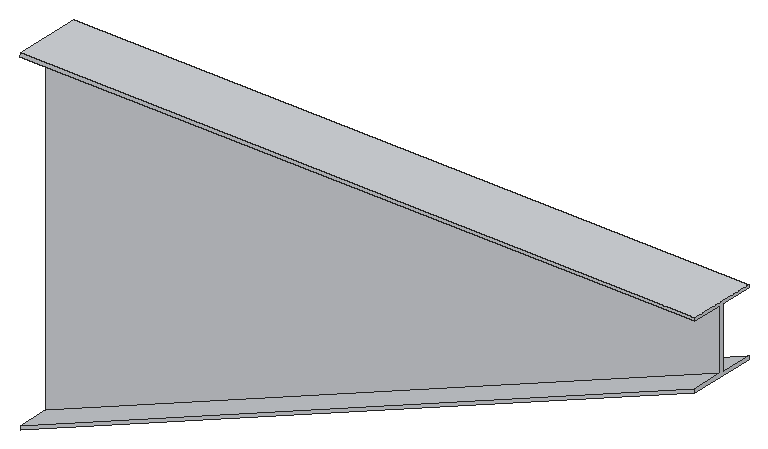
Revit family "VIG_LAM_BAL_UB", category Structural Framing, Revit 2020
Family settings
  Section Shape = Not Defined
  Material for Model Behavior = Steel
  Always export as geometry = No
  OmniClass Number = 23.25.30.11.14.14
  OmniClass Title = Beams
  Always vertical = Yes
  Cut with Voids When Loaded = No
  Symbolic Representation = From Family
  Shared = Yes
  Show family pre-cut in plan views = Yes
Parameters (values of type "VIG_MEN_100X020")
  Structural Material [instance] = none
  Mensula_L = 0.200 m
  Mensula_H_Menor = 0.200 m
  Mensula_H_Maior = 1.000 m
  Length [instance] = 3.000 m
Reference planes (m)
  plane 1 "Center (Front/Back)": y = 0
  plane 2 "Center Elevation": z = 0
  plane 3 "Center (Left/Right)": x = 0
  plane 4 "Left": x = -1.5
  plane 5 "Member Left": x = -1.25
  plane 6 "Stick Symbol Left": x = -1
  plane 7 "Right": x = 1.5
  plane 8 "Member Right": x = 1.25
  plane 9 "Stick Symbol Right": x = 1
  plane 10: y = -0.1
  plane 11: y = 0.1
  plane 12: z = 0.15
  plane 13: z = -0.85
  plane 14: z = 0.15
  plane 15: z = -0.05
Forms (m)
  SweptBlend 1, solid, material <- "Structural Material"
    path in 3D
      loop
        line (-1, 0, 0) -> (1, 0, 0)
    profile origin (-1, 0, 0) x (0, 1, 0) y (0, 0, 1)
      loop
        line (-0.1, 0.15) -> (-0.1, 0.14) -> (-0.005, 0.14) -> (-0.005, -0.84) -> (-0.1, -0.84) -> (-0.1, -0.85) -> (0.1, -0.85) -> (0.1, -0.84) -> (0.005, -0.84) -> (0.005, 0.14) -> (0.1, 0.14) -> (0.1, 0.15) -> (-0.1, 0.15)
    end profile origin (1, 0, 0) x (0, 1, 0) y (0, 0, 1)
      loop
        line (-0.1, 0.15) -> (-0.1, 0.14) -> (-0.005, 0.14) -> (-0.005, -0.04) -> (-0.1, -0.04) -> (-0.1, -0.05) -> (0.1, -0.05) -> (0.1, -0.04) -> (0.005, -0.04) -> (0.005, 0.14) -> (0.1, 0.14) -> (0.1, 0.15) -> (-0.1, 0.15)
Lines and regions (m)
  model lines, style "Stick Symbols", detail levels coarse
    curve 1: line (-1, 0, 0) -> (1, 0, 0)
  sketch lines
    curve 2: line (-1, 0, 0) -> (1, 0, 0)
Dimensions and locks (m)
  equal spacing: plane 4 "Left", plane 3 "Center (Left/Right)", plane 7 "Right"
  "Length": plane 4 "Left" to plane 7 "Right"
  "Mensula_H_Maior": plane 12 to plane 13
  "Mensula_L": plane 11 to plane 10
  "Mensula_H_Menor": plane 14 to plane 15
  equal spacing: plane 11, plane 1 "Center (Front/Back)", plane 10  (x2)
  locked: SweptBlend 1 sketch curve to SweptBlend 1 sketch curve at 0.01  (x6)
  equal spacing: SweptBlend 1 sketch curve, plane 1 "Center (Front/Back)", SweptBlend 1 sketch curve
  aligned and locked: plane 1 "Center (Front/Back)" to curve 1
  aligned and locked: plane 6 "Stick Symbol Left" to curve 1
  aligned and locked: plane 9 "Stick Symbol Right" to curve 1
  aligned and locked: level to plane 2 "Center Elevation"
  aligned and locked: SweptBlend 1 sketch curve to plane 13
  aligned and locked: plane 12 to SweptBlend 1 sketch curve
  aligned and locked: plane 14 to SweptBlend 1 sketch curve
  aligned and locked: SweptBlend 1 sketch curve to plane 15
Automatic sketch dimensions
  SweptBlend 1 sketch curve to plane 10 = 0.000 m  (x2)
  SweptBlend 1 sketch curve to plane 11 = 0.000 m  (x2)
  SweptBlend 1 sketch curve to SweptBlend 1 sketch curve = 0.000 m
  SweptBlend 1 sketch curve to plane 12 = 0.010 m
  profile plane to SweptBlend 1 sketch curve = 0.100 m  (x2)
  profile plane to SweptBlend 1 sketch curve = 0.005 m
  SweptBlend 1 sketch curve to SweptBlend 1 sketch curve = 0.095 m  (x2)
  SweptBlend 1 sketch curve to plane 14 = 0.010 m
  plane 15 to SweptBlend 1 sketch curve = 0.010 m
